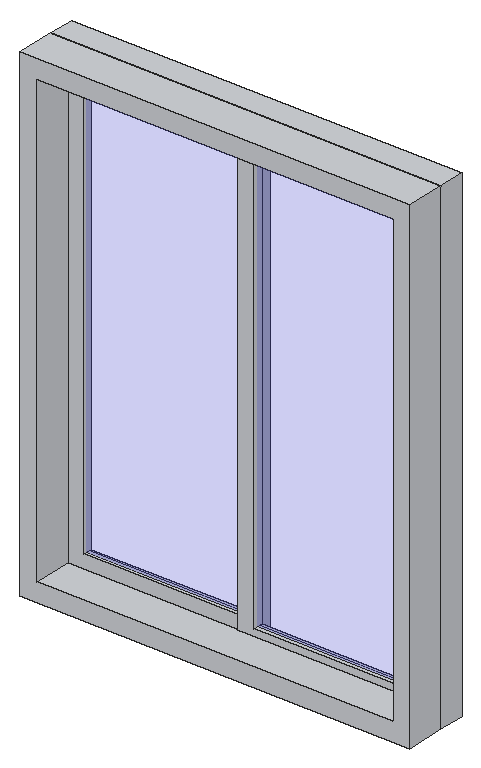
Revit family "推拉窗6", category 窗, Revit 2018
Family settings
  主体 = 墙
  总是垂直 = 是
  加载时剪切的空心 = 否
  共享 = 否
  房间计算点 = 否
Parameters (values of type "1200 x 1500mm")
  窗扇框宽度 = 50 mm
  窗扇框厚度 = 30 mm
  Visual Light Transmittance = 0.9
  Solar Heat Gain Coefficient = 0.78
  Rough Width = 宽度  # 1200 mm
  Rough Height = 高度  # 1500 mm
  构造类型 ID = ""
  高窗平面 [instance] = not(通用窗平面)  # no
  传热系数(U) = 3.6886 W/(m²·K)
  玻璃 = none
  通用窗平面 [instance] = yes
  框架宽度 = 25 mm
  框架材质 = none
  Assembly Code = ""
  高度 = 1500 mm
  窗扇框材质 = none
  默认窗台高度 = 600 mm
  墙闭合 = 按主体
  宽度 = 1200 mm
  窗嵌入 = 20 mm
  分析构造 = 1/8 英寸 Pilkington 单层玻璃
Reference planes
  plane 1: y = 13.127
  plane 2: z = 0
  plane 3 "中心(左/右)": x = 9.525
  plane 4 "左": x = -590.475
  plane 5 "右": x = 609.525
  plane 6 "窗台": z = 600
  plane 7 "水头": z = 2100
  plane 8: x = 584.525
  plane 9: z = 2075
  plane 10: z = 625
  plane 11 "外部": y = 33.127
  plane 12 "内部": y = -166.873
  plane 13: x = 34.525
  plane 14: x = -15.475
  plane 15: x = 534.525
  plane 16: x = -515.475
  plane 17: x = -565.475
  plane 18: x = 559.525
  plane 19 "轴线": y = -16.873
  plane 20: y = -46.873
  plane 21: z = 1350
  plane 22: x = -540.475
  plane 23: z = 2045
  plane 24: z = 2025
  plane 25: y = -31.873
  plane 26: y = -1.873
  plane 27: z = 675
  plane 28: z = 655
  plane 29 "中心(前/后)": y = -66.873
  plane 30: z = 585
  plane 31: y = -46.873
  plane 32: y = -86.873
  plane 33: x = 284.525
  plane 34: x = -265.475
Forms (mm)
  Extrusion 1, solid, material <- "框架材质"
    sketch origin (0, 0, 0) x (0, 0, -1) y (1, 0, 0)
      loop
        line (-2100, 609.525) -> (-2100, -590.475) -> (-600, -590.475) -> (-600, 609.525) -> (-2100, 609.525)
      loop
        line (-2075, -565.475) -> (-625, -565.475) -> (-625, 584.525) -> (-2075, 584.525) -> (-2075, -565.475)
    from -33.127 to 46.873
  Extrusion 2, solid, material <- "窗扇框材质"
    sketch origin (0, 0, 0) x (0, 0, -1) y (1, 0, 0)
      loop
        line (-2075, 584.525) -> (-2075, -15.475) -> (-625, -15.475) -> (-625, 584.525) -> (-2075, 584.525)
      loop
        line (-2025, 534.525) -> (-2025, 34.525) -> (-675, 34.525) -> (-675, 534.525) -> (-2025, 534.525)
    from 16.873 to 46.873
  Extrusion 3, solid, material <- "窗扇框材质"
    sketch origin (0, 0, 0) x (0, 0, -1) y (1, 0, 0)
      loop
        line (-625, -565.475) -> (-625, 34.525) -> (-2075, 34.525) -> (-2075, -565.475) -> (-625, -565.475)
      loop
        line (-675, -515.475) -> (-675, -15.475) -> (-2025, -15.475) -> (-2025, -515.475) -> (-675, -515.475)
    from -13.127 to 16.873
  Extrusion 4, solid, material <- "框架材质"
    sketch origin (0, 33.127, 0) x (0, 0, 1) y (1, 0, 0)
      loop
        line (2100, 609.525) -> (600, 609.525) -> (600, -590.475) -> (2100, -590.475) -> (2100, 609.525)
      loop
        line (2045, -540.475) -> (2045, 559.525) -> (655, 559.525) -> (655, -540.475) -> (2045, -540.475)
    from -200 to -80
  Extrusion 5, solid, material <- "玻璃"
    sketch origin (0, 33.127, 0) x (0, 0, 1) y (1, 0, 0)
      loop
        line (2025, 534.525) -> (675, 534.525) -> (675, 34.525) -> (2025, 34.525) -> (2025, 534.525)
    from -70 to -60
  Extrusion 6, solid, material <- "玻璃"
    sketch origin (0, 33.127, 0) x (0, 0, 1) y (1, 0, 0)
      loop
        line (2025, -15.475) -> (675, -15.475) -> (675, -515.475) -> (2025, -515.475) -> (2025, -15.475)
    from -40 to -30
Lines and regions (mm)
  Opening 1
    outline origin (-1705.917, -166.873, 0) x (1, 0, 0) y (0, 0, 1)
      loop
        line (1115.442, 2100) -> (1115.442, 600) -> (2315.442, 600) -> (2315.442, 2100) -> (1115.442, 2100)
  Masking region 1, visible <- "通用窗平面"
    outline origin (0, 0, 0) x (1, 0, 0) y (0, 1, 0)
      loop
        line (-590.475, 33.127) -> (-590.475, -166.873) -> (609.525, -166.873) -> (609.525, 33.127) -> (-590.475, 33.127)
  Masking region 2
    outline origin (9.525, 0, 0) x (0, 1, 0) y (0, 0, 1)
      loop
        line (-166.873, 2100) -> (-166.873, 600) -> (33.127, 600) -> (33.127, 2100) -> (-166.873, 2100)
  symbolic lines, style "平/剖面打开方向 - 实线", visible <- "通用窗平面"
    curve 1: line (-590.475, 33.127, 0) -> (609.525, 33.127, 0)
    curve 2: line (-590.475, -166.873, 0) -> (-590.475, 33.127, 0)
    curve 3: line (609.525, -166.873, 0) -> (-590.475, -166.873, 0)
    curve 4: line (609.525, 33.127, 0) -> (609.525, -166.873, 0)
    curve 5: line (-590.475, -46.873, 0) -> (609.525, -46.873, 0)
    curve 6: line (609.525, -86.873, 0) -> (-590.475, -86.873, 0)
  symbolic lines, style "平面打开方向 - 划线", visible <- "高窗平面"
    curve 7: line (-590.475, 33.127, 0) -> (-590.475, -166.873, 0)
    curve 8: line (609.525, 33.127, 0) -> (609.525, -166.873, 0)
    curve 9: line (609.525, -46.873, 0) -> (-590.475, -46.873, 0)
    curve 10: line (-590.475, -86.873, 0) -> (609.525, -86.873, 0)
  symbolic lines, style "InvisibleLines"
    curve 11: line (9.525, 33.127, 2100) -> (9.525, 33.127, 600)
  symbolic lines, style "立面打开方向 - 实线"
    curve 12: line (434.525, 33.127, 1350) -> (134.525, 33.127, 1350)
    curve 13: line (134.525, 33.127, 1350) -> (228.494, 33.127, 1384.202)
    curve 14: line (134.525, 33.127, 1350) -> (228.494, 33.127, 1315.798)
    curve 15: line (-415.475, 33.127, 1350) -> (-115.475, 33.127, 1350)
    curve 16: line (-115.475, 33.127, 1350) -> (-209.444, 33.127, 1384.202)
    curve 17: line (-115.475, 33.127, 1350) -> (-209.444, 33.127, 1315.798)
  symbolic lines, style "平/剖面打开方向 - 实线"
    curve 18: line (9.525, -166.873, 2100) -> (9.525, 33.127, 2100)
    curve 19: line (9.525, -166.873, 600) -> (9.525, -166.873, 2100)
    curve 20: line (9.525, 33.127, 600) -> (9.525, -166.873, 600)
    curve 21: line (9.525, 33.127, 2100) -> (9.525, 33.127, 600)
    curve 22: line (9.525, -86.873, 2100) -> (9.525, -86.873, 600)
    curve 23: line (9.525, -46.873, 2100) -> (9.525, -46.873, 600)
Text (mm)
  text "EXTERIOR" at (-1490.695, 430.209, 0), in view "参照标高"
  text "INTERIOR" at (-1490.695, -546.194, 0), in view "参照标高"
  text "Exterior" at (0, 1108.87, 3129.179), in view "左"
  text "Exterior" at (0, 464.664, 3176.206), in view "右"
Dimensions and locks
  equal spacing: plane 4 "左", plane 3 "中心(左/右)", plane 5 "右"
  "宽度": plane 4 "左" to plane 5 "右"
  "高度": plane 6 "窗台" to plane 7 "水头"
  "默认窗台高度": plane 2 to plane 6 "窗台"
  locked: plane 11 "外部" to host wall at 0
  locked: plane 12 "内部" to host wall
  locked: plane 2 to host wall
  "框架宽度": plane 4 "左" to plane 17
  "框架宽度": plane 8 to plane 5 "右"
  locked: plane 17 to plane 22 at 25
  plane 18 to plane 8 = 25 mm
  "窗嵌入": plane 1 to plane 11 "外部"
  equal spacing: plane 20, plane 19 "轴线", plane 1
  "窗扇框宽度": plane 17 to plane 16
  "窗扇框宽度": plane 15 to plane 8
  equal spacing: plane 14, plane 3 "中心(左/右)", plane 13
  "窗扇框宽度": plane 14 to plane 13
  "框架宽度": plane 9 to plane 7 "水头"
  locked: plane 23 to plane 9 at 30
  "窗扇框宽度": plane 24 to plane 9
  equal spacing: Extrusion 5, plane 25, Extrusion 5
  locked: Extrusion 5 to Extrusion 5 at 10
  equal spacing: Extrusion 6, plane 26, Extrusion 6
  locked: Extrusion 6 to Extrusion 6 at 10
  plane 19 "轴线" to plane 1 = 30 mm
  equal spacing: plane 19 "轴线", plane 26, plane 1
  equal spacing: plane 20, plane 25, plane 19 "轴线"
  "框架宽度": plane 6 "窗台" to plane 10
  locked: plane 10 to plane 28 at 30
  "窗扇框宽度": plane 10 to plane 27
  locked: plane 28 to plane 30 at 70
  equal spacing: plane 31, plane 29 "中心(前/后)", plane 32
  locked: plane 31 to plane 32 at 40
  equal spacing: plane 27, plane 21, plane 24
  equal spacing: plane 15, plane 33, plane 13
  equal spacing: plane 14, plane 34, plane 16
  locked: plane 33 to curve 12 at 150
  locked: curve 12 to plane 33 at 150
  locked: curve 14 to curve 13 at 100
  locked: curve 14 to curve 14 at 100
  locked: plane 34 to curve 17 at 150
  locked: curve 15 to plane 34 at 150
  locked: curve 17 to curve 16 at 100
  locked: curve 17 to curve 17 at 100
  locked: curve 13 to plane 21 (angle 20.00°)
  locked: plane 21 to curve 14 (angle 20.00°)
  locked: plane 21 to curve 16 (angle 20.00°)
  locked: curve 17 to plane 21 (angle 20.00°)
  aligned and locked: plane 7 "水头" to Opening 1 sketch curve
  aligned and locked: plane 6 "窗台" to Opening 1 sketch curve  (x2)
  aligned and locked: plane 5 "右" to Opening 1 sketch curve
  aligned and locked: plane 4 "左" to Opening 1 sketch curve
  aligned and locked: host wall to Extrusion 1  (x2)
  aligned and locked: Extrusion 3 to plane 1
  aligned and locked: Extrusion 2 sketch curve to plane 14
  aligned and locked: plane 13 to Extrusion 3 sketch curve
  aligned and locked: Extrusion 3 sketch curve to plane 9
  aligned and locked: Extrusion 2 to Extrusion 3
  aligned: Extrusion 1 to Extrusion 2
  aligned: plane 12 "内部" to Extrusion 1
  aligned and locked: Extrusion 2 to plane 20
  aligned and locked: plane 1 to Extrusion 3  (x2)
  aligned and locked: Extrusion 1 sketch curve to host wall  (x2)
  aligned and locked: plane 4 "左" to Extrusion 1 sketch curve
  aligned and locked: Extrusion 1 sketch curve to plane 17
  aligned and locked: Extrusion 1 to plane 20
  aligned and locked: Extrusion 1 to plane 11 "外部"
  aligned and locked: plane 20 to Extrusion 1
  aligned and locked: plane 8 to Extrusion 1 sketch curve
  aligned and locked: Extrusion 1 sketch curve to plane 9
  aligned and locked: plane 16 to Extrusion 3 sketch curve
  aligned and locked: Extrusion 3 sketch curve to plane 17
  aligned and locked: Extrusion 3 sketch curve to plane 14
  aligned and locked: plane 8 to Extrusion 2 sketch curve
  aligned and locked: Extrusion 2 sketch curve to plane 9
  aligned and locked: plane 20 to Extrusion 2
  aligned and locked: plane 19 "轴线" to Extrusion 3
  aligned and locked: Extrusion 2 to plane 19 "轴线"
  aligned and locked: host wall to Extrusion 4 sketch curve
  aligned and locked: Extrusion 4 sketch curve to Extrusion 1
  aligned and locked: Extrusion 4 sketch curve to plane 22
  aligned and locked: Extrusion 4 sketch curve to plane 18
  aligned and locked: plane 20 to Extrusion 4
  aligned and locked: plane 12 "内部" to Extrusion 4
  aligned and locked: Extrusion 3 sketch curve to plane 24
  aligned and locked: Extrusion 5 sketch curve to plane 15
  aligned and locked: plane 13 to Extrusion 5 sketch curve
  aligned and locked: Extrusion 5 sketch curve to plane 24
  aligned and locked: Extrusion 6 sketch curve to plane 14
  aligned and locked: plane 16 to Extrusion 6 sketch curve
  aligned and locked: Extrusion 6 sketch curve to plane 24
  aligned and locked: Extrusion 2 sketch curve to plane 24
  aligned and locked: plane 7 "水头" to Extrusion 4 sketch curve
  aligned and locked: plane 23 to Extrusion 4 sketch curve
  aligned and locked: Extrusion 4 sketch curve to plane 6 "窗台"
  aligned and locked: Extrusion 1 sketch curve to plane 6 "窗台"
  aligned and locked: Extrusion 1 sketch curve to plane 10
  aligned and locked: plane 28 to Extrusion 4 sketch curve
  aligned and locked: Extrusion 2 sketch curve to plane 10
  aligned and locked: plane 27 to Extrusion 2 sketch curve
  aligned and locked: Extrusion 3 sketch curve to plane 10
  aligned and locked: plane 27 to Extrusion 3 sketch curve
  aligned and locked: plane 27 to Extrusion 5 sketch curve
  aligned and locked: plane 27 to Extrusion 6 sketch curve
  aligned and locked: plane 11 "外部" to Masking region 1 sketch curve
  aligned and locked: Masking region 1 sketch curve to plane 4 "左"
  aligned and locked: Masking region 1 sketch curve to plane 12 "内部"
  aligned and locked: plane 5 "右" to Masking region 1 sketch curve
  aligned and locked: plane 11 "外部" to curve 1
  aligned and locked: curve 2 to plane 4 "左"
  aligned and locked: curve 3 to plane 12 "内部"
  aligned and locked: curve 5 to plane 31
  aligned and locked: curve 6 to plane 32
  aligned and locked: plane 31 to curve 9
  aligned and locked: plane 32 to curve 10
  aligned and locked: plane 5 "右" to curve 8
  aligned and locked: plane 4 "左" to curve 7
  aligned and locked: plane 3 "中心(左/右)" to curve 11
  aligned and locked: curve 12 to plane 21
  aligned and locked: plane 21 to curve 14
  aligned and locked: plane 21 to curve 15
  aligned and locked: plane 21 to curve 17
  aligned and locked: plane 7 "水头" to Masking region 2 sketch curve
  aligned and locked: Masking region 2 sketch curve to plane 12 "内部"
  aligned and locked: Masking region 2 sketch curve to plane 6 "窗台"
  aligned and locked: plane 11 "外部" to Masking region 2 sketch curve
  aligned and locked: plane 7 "水头" to curve 18
  aligned and locked: curve 19 to plane 12 "内部"
  aligned and locked: curve 20 to plane 6 "窗台"
  aligned and locked: plane 11 "外部" to curve 21
  aligned and locked: plane 32 to curve 22
  aligned and locked: curve 23 to plane 31
Automatic sketch dimensions
  Extrusion 2 sketch curve to plane 15 = 0 mm
  Extrusion 2 sketch curve to plane 13 = 0 mm
  curve 11 to Extrusion 1 = 0 mm  (x2)
